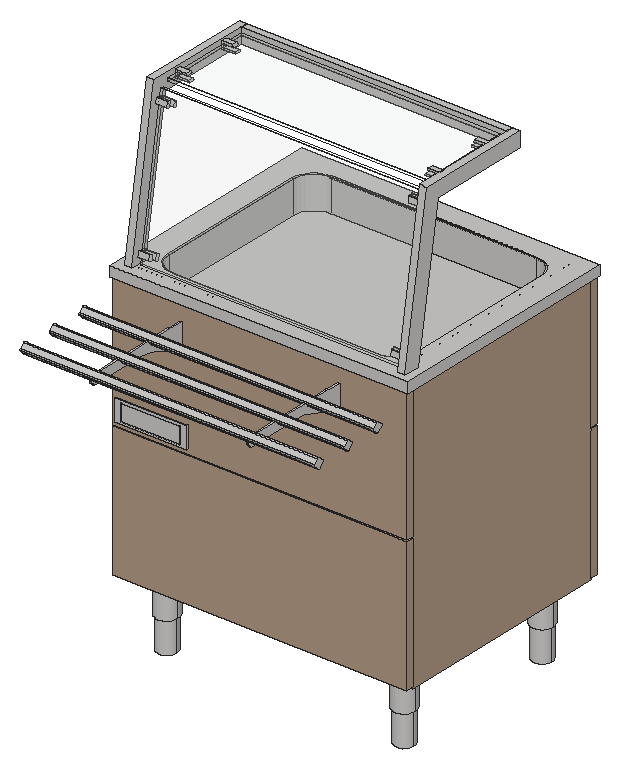
Revit family "QF_ELECTROLUXPROFESSIONAL_322096_F14C2AF01W", category Specialty Equipment, Revit 2018
Family settings
  Round Connector Dimension = Use Diameter
  Part Type = Normal
  Work Plane-Based = No
  Always vertical = Yes
  Cut with Voids When Loaded = No
  Shared = No
  Room Calculation Point = No
Parameters (values of type "Standard")
  Weight = 100.50 kg
  Watts = 0 W
  Volts = 220 V
  URL Manufacturer = "http://professional.electrolux.com"
  URL = "http://professional.electrolux.com"
  Steam Supply Size = 0 mm
  Steam Supply Minimum Pressure = 0.0 Pa
  Steam Supply Maximum Pressure = 0.0 Pa
  Steam Pounds per Hour = 0
  Show Clearance [instance] = yes
  Refrigeration Suction Line Size = 0 mm
  Refrigeration Liquid Line Size = 0 mm
  Refrigerant Compressor Remote = yes
  Manufacturer = "Electrolux Professional"
  Phase = 1
  Model = "F14C2AF01W"
  Length Actual = 770 mm  # constant formula
  Item Number = "322096"
  Hot Water Size = 0 mm
  Height Actual = 1304 mm  # constant formula
  HP = "0 HP"
  Gas Size = 0 mm
  Gas KW = 0
  Gas Input Pressure = 0 W
  Direct Waste Size = 19.05 mm
  Description = "REFRIGERATED S/S SURFACE, 2GN H=900MM OVERSHELF W/LED LIGHTS"
  Depth Actual = 915 mm  # constant formula
  Cycle = 50 Hz
  Condensate Return Size = 0 mm
  Compressed Air Volume = 0.0 L/s
  Compressed Air Size = 0 mm
  Compressed Air Pressure = 0.0 Pa
  Cold Water Size = 0 mm
  Accessory = yes
Types (2, lengths in mm): name | URL | Manufacturer | Phase | Model | Description
  (no name) | 0 | 0 | 0 | 0 | 0
  Standard | "http://professional.electrolux.com" | "Electrolux Professional" | 1 | "F14C2AF01W" | "REFRIGERATED S/S SURFACE, 2GN H=900MM OVERSHELF W/LED LIGHTS"
Values of the unnamed type that differ from the named types
  Volts = 0 V
  URL Manufacturer = ""
  Item Number = ""
  Cycle = 0 Hz
Reference planes
  plane 1 "Centro (Fronte/Retro)": y = 74.737
  plane 2: z = 0
  plane 3 "BACK": y = 384.737
  plane 4 "FRONT": y = -235.263
  plane 5: z = 900
  plane 6 "RIGHT": x = -129.269
  plane 7 "LEFT": x = -899.269
  plane 8: x = -514.269
  plane 9: y = 664.737
  plane 10: y = -530.02
  plane 11: z = 178
  plane 12: z = 1304
  plane 13: z = 1222
  plane 14: y = 297.737
  plane 15: y = -148.263
  plane 16: x = -821.269
  plane 17: x = -207.269
  plane 18: x = -895.269
  plane 19: y = -231.263
  plane 20: x = -133.269
  plane 21: y = 380.737
  plane 22: z = 874
  plane 23: y = 362.737
  plane 24: y = -213.263
  plane 25: z = 182
  plane 26: z = 527
  plane 27: z = 531
  plane 28: x = -308.269
  plane 29: x = -720.269
  plane 30: x = -877.394
  plane 31: x = -151.144
  plane 32: x = -171.144
  plane 33: x = -857.394
  plane 34: x = -849.269
  plane 35: x = -179.269
  plane 36: y = 130.237
  plane 37: y = 19.237
  plane 38: y = 33.237
  plane 39: y = 116.237
  plane 40: x = -787.269
  plane 41: x = -234.269
Forms (mm)
  Extrusion 1, solid, material "QF_Finishes_Wood"
    sketch origin (0, 0, 0) x (1, 0, 0) y (0, 1, 0)
      loop
        line (-895.269, 362.737) -> (-895.269, -213.263) -> (-133.269, -213.263) -> (-133.269, 362.737) -> (-895.269, 362.737)
    from 178 to 874
  Extrusion 2, solid, material "QF_Finishes_Wood"
    sketch origin (-133.269, 362.737, 0) x (0, -1, 0) y (0, 0, -1)
      loop
        line (576, -182) -> (576, -527) -> (594, -527) -> (594, -182) -> (576, -182)
      loop
        line (576, -531) -> (576, -874) -> (594, -874) -> (594, -531) -> (576, -531)
    from 0 to -762
  Extrusion 3, solid, material "QF_Finishes_Wood"
    sketch origin (-133.269, -213.263, 0) x (0, 1, 0) y (0, 0, 1)
      loop
        line (576, 531) -> (594, 531) -> (594, 874) -> (576, 874) -> (576, 531)
    from 0 to -762
  Extrusion 4, solid, material "QF_Finishes_Stainless Steel"
    sketch origin (0, 0, 0) x (1, 0, 0) y (0, 1, 0)
      loop
        line (-899.269, 384.737) -> (-899.269, -235.263) -> (-129.269, -235.263) -> (-129.269, 384.737) -> (-899.269, 384.737)
    from 874 to 900
  Extrusion 5, solid, material "QF_Finishes_Stainless Steel"
    sketch origin (-313.269, 362.737, 0) x (0, -1, 0) y (0, 0, -1)
      loop
        arc (628.84, -832.7) -> (632.082, -833.911) -> (635.519, -834.32) r 14.5
        line (635.519, -834.32) -> (675.715, -834.32) -> (689.858, -820.177) -> (704, -834.32) -> (770.715, -834.32) -> (784.858, -820.177) -> (799, -834.32) -> (865.716, -834.32) -> (879.858, -820.177) -> (887.686, -828.005) -> (887.686, -821.352)
        arc (887.686, -821.352) -> (887.303, -819.435) -> (886.214, -817.81) r 4.999
        line (886.214, -817.81) -> (881.179, -812.776)
        arc (881.179, -812.776) -> (879.559, -811.698) -> (877.651, -811.32) r 5
        line (877.651, -811.32) -> (732.206, -811.32)
        arc (732.206, -811.32) -> (708.662, -809.221) -> (685.86, -802.991) r 133.106
        line (685.86, -802.991) -> (638.285, -785.32) -> (597.679, -770.12) -> (594, -770.12) -> (594, -832.7) -> (628.84, -832.7)
    from 0 to 5
  Extrusion 6, void
    sketch origin (0, 0, 0) x (1, 0, 0) y (0, 1, 0)
      loop
        arc (-837.269, -125.263) -> (-820.281, -166.275) -> (-779.269, -183.263) r 58
        line (-779.269, -183.263) -> (-249.269, -183.263)
        arc (-249.269, -183.263) -> (-208.256, -166.275) -> (-191.269, -125.263) r 58
        line (-191.269, -125.263) -> (-191.269, 274.737)
        arc (-191.269, 274.737) -> (-208.256, 315.749) -> (-249.269, 332.737) r 58
        line (-249.269, 332.737) -> (-779.269, 332.737)
        arc (-779.269, 332.737) -> (-820.281, 315.749) -> (-837.269, 274.737) r 58
        line (-837.269, 274.737) -> (-837.269, -125.263)
    from 812.776 to 900
  Extrusion 7, solid, material "QF_Finishes_Wood"
    sketch origin (419.731, -213.263, -348) x (0, 1, 0) y (0, 0, 1)
      loop
        line (576, 530) -> (594, 530) -> (594, 875) -> (576, 875) -> (576, 530)
    from -553 to -658.044
  Extrusion 8, solid, material "QF_Finishes_Wood"
    sketch origin (-234.269, -213.263, -348) x (0, 1, 0) y (0, 0, 1)
      loop
        line (576, 530) -> (594, 530) -> (594, 875) -> (576, 875) -> (576, 530)
    from -548.963 to -661
  Extrusion 9, solid, material "QF_Door-Drawer Clearances", visible <- "Show Clearance"
    sketch origin (0, -4, 0) x (1, 0, 0) y (0, 1, 0)
      loop
        line (-783.232, 384.737) -> (-238.312, 384.737) -> (-710.987, 657.636)
        arc (-710.987, 657.636) -> (-765.12, 525.955) -> (-783.232, 384.737) r 544.001
    from 182 to 527
  Extrusion 10, solid, material "QF_Finishes_Stainless Steel"
    sketch origin (-720.269, 362.737, 0) x (0, -1, 0) y (0, 0, -1)
      loop
        arc (628.84, -832.7) -> (632.082, -833.911) -> (635.519, -834.32) r 14.5
        line (635.519, -834.32) -> (675.715, -834.32) -> (689.858, -820.177) -> (704, -834.32) -> (770.715, -834.32) -> (784.858, -820.177) -> (799, -834.32) -> (865.716, -834.32) -> (879.858, -820.177) -> (887.686, -828.005) -> (887.686, -821.352)
        arc (887.686, -821.352) -> (887.303, -819.435) -> (886.214, -817.81) r 4.999
        line (886.214, -817.81) -> (881.179, -812.776)
        arc (881.179, -812.776) -> (879.559, -811.698) -> (877.651, -811.32) r 5
        line (877.651, -811.32) -> (732.206, -811.32)
        arc (732.206, -811.32) -> (708.662, -809.221) -> (685.86, -802.991) r 133.106
        line (685.86, -802.991) -> (638.285, -785.32) -> (597.679, -770.12) -> (594, -770.12) -> (594, -832.7) -> (628.84, -832.7)
    from 0 to 5
  Extrusion 11, solid, material "QF_Finishes_Stainless Steel"
    sketch origin (-133.269, 362.737, 0) x (0, -1, 0) y (0, 0, -1)
      loop
        line (881.983, -846.337) -> (891.875, -836.445)
        arc (891.875, -836.445) -> (892.757, -834.322) -> (891.879, -832.198) r 3
        line (891.879, -832.198) -> (881.979, -822.299)
        arc (881.979, -822.299) -> (879.858, -821.42) -> (877.737, -822.299) r 3
        line (877.737, -822.299) -> (867.837, -832.198)
        arc (867.837, -832.198) -> (866.958, -834.32) -> (867.837, -836.441) r 3
        line (867.837, -836.441) -> (877.737, -846.34)
        arc (877.737, -846.34) -> (879.86, -847.219) -> (881.983, -846.337) r 3
      loop
        line (786.979, -846.34) -> (796.879, -836.441)
        arc (796.879, -836.441) -> (797.757, -834.32) -> (796.879, -832.198) r 3
        line (796.879, -832.198) -> (786.979, -822.299)
        arc (786.979, -822.299) -> (784.858, -821.42) -> (782.737, -822.299) r 3
        line (782.737, -822.299) -> (772.837, -832.198)
        arc (772.837, -832.198) -> (771.958, -834.317) -> (772.833, -836.437) r 3
        line (772.833, -836.437) -> (782.741, -846.345)
        arc (782.741, -846.345) -> (784.861, -847.219) -> (786.979, -846.34) r 3
      loop
        line (691.976, -846.343) -> (701.882, -836.438)
        arc (701.882, -836.438) -> (702.757, -834.318) -> (701.879, -832.198) r 3
        line (701.879, -832.198) -> (691.979, -822.299)
        arc (691.979, -822.299) -> (689.858, -821.42) -> (687.737, -822.299) r 3
        line (687.737, -822.299) -> (677.837, -832.198)
        arc (677.837, -832.198) -> (676.958, -834.32) -> (677.837, -836.441) r 3
        line (677.837, -836.441) -> (687.737, -846.34)
        arc (687.737, -846.34) -> (689.856, -847.219) -> (691.976, -846.343) r 3
    from 0 to -762
  Extrusion 12, solid, material "QF_Finishes_Stainless Steel"
    sketch origin (-133.269, 362.737, 0) x (0, -1, 0) y (0, 0, -1)
      loop
        line (206.477, -1264.379) -> (206.477, -1304) -> (507.108, -1304) -> (578.344, -900) -> (537.727, -900) -> (473.477, -1264.379) -> (206.477, -1264.379)
    from -17.875 to -37.875
  Extrusion 13, solid, material "QF_Finishes_Stainless Steel"
    sketch origin (-895.269, 362.737, 0) x (0, -1, 0) y (0, 0, 1)
      loop
        line (206.477, 1264.379) -> (473.477, 1264.379) -> (537.727, 900) -> (578.344, 900) -> (507.108, 1304) -> (206.477, 1304) -> (206.477, 1264.379)
    from -17.875 to -37.875
  Extrusion 14, solid, material "QF_Finishes_Glass"
    sketch origin (-133.269, -231.263, 531) x (0, 0, 1) y (-1, 0, 0)
      loop
        line (757.879, 46) -> (765.879, 46) -> (765.879, 716) -> (757.879, 716) -> (757.879, 46)
    from -361.5 to -120.204
  Extrusion 15, solid, material "QF_Finishes_Stainless Steel"
    sketch origin (0, 0, 0) x (1, 0, 0) y (0, 1, 0)
      loop
        line (-857.394, 156.26) -> (-857.394, 136.26) -> (-171.144, 136.26) -> (-171.144, 156.26) -> (-857.394, 156.26)
    from 1264.379 to 1304
  Extrusion 16, solid, material "QF_Finishes_Glass"
    sketch origin (-133.269, 362.737, 0) x (0, -1, 0) y (0, 0, -1)
      loop
        line (494.569, -1282.974) -> (562.097, -900) -> (553.974, -900) -> (486.445, -1282.974) -> (494.569, -1282.974)
    from -46 to -716
  Extrusion 17, solid, material "QF_Finishes_Stainless Steel"
    sketch origin (-133.269, -64.263, 531) x (0, 0, 1) y (-1, 0, 0)
      loop
        line (765.879, 691.5) -> (770.879, 693.5) -> (770.879, 724.125) -> (750.879, 724.125) -> (750.879, 716) -> (751.974, 716) -> (751.974, 685.938) -> (755.879, 687.5) -> (755.879, 717) -> (765.879, 717) -> (765.879, 691.5)
    from 0 to 14
  Extrusion 18, solid, material "QF_Finishes_Stainless Steel"
    sketch origin (-133.269, 85.737, 531) x (0, 0, 1) y (-1, 0, 0)
      loop
        line (765.879, 691.5) -> (770.879, 693.5) -> (770.879, 724.125) -> (750.879, 724.125) -> (750.879, 716) -> (751.974, 716) -> (751.974, 685.938) -> (755.879, 687.5) -> (755.879, 717) -> (765.879, 717) -> (765.879, 691.5)
    from 0 to 14
  Extrusion 19, solid, material "QF_Finishes_Stainless Steel"
    sketch origin (-895.269, -64.263, 531) x (0, 0, 1) y (-1, 0, 0)
      loop
        line (765.879, -691.5) -> (765.879, -717) -> (755.879, -717) -> (755.879, -687.5) -> (751.974, -685.938) -> (751.974, -716) -> (750.879, -716) -> (750.879, -724.125) -> (770.879, -724.125) -> (770.879, -693.5) -> (765.879, -691.5)
    from 0 to 14
  Extrusion 20, solid, material "QF_Finishes_Stainless Steel"
    sketch origin (-895.269, 85.737, 531) x (0, 0, 1) y (-1, 0, 0)
      loop
        line (765.879, -691.5) -> (765.879, -717) -> (755.879, -717) -> (755.879, -687.5) -> (751.974, -685.938) -> (751.974, -716) -> (750.879, -716) -> (750.879, -724.125) -> (770.879, -724.125) -> (770.879, -693.5) -> (765.879, -691.5)
    from 0 to 14
  Extrusion 21, solid, material "QF_Finishes_Stainless Steel"
    sketch origin (-895.269, 619.458, 1129.907) x (0, -0.984808, 0.173648) y (-1, 0, 0)
      loop
        line (765.879, -691.5) -> (765.879, -717) -> (755.879, -717) -> (755.879, -687.5) -> (751.974, -685.938) -> (751.974, -716) -> (750.879, -716) -> (750.879, -724.125) -> (770.879, -724.125) -> (770.879, -693.5) -> (765.879, -691.5)
    from 0 to 14
  Extrusion 22, solid, material "QF_Finishes_Stainless Steel"
    sketch origin (-133.269, 619.458, 1129.907) x (0, -0.984808, 0.173648) y (-1, 0, 0)
      loop
        line (765.879, 691.5) -> (770.879, 693.5) -> (770.879, 724.125) -> (750.879, 724.125) -> (750.879, 716) -> (751.974, 716) -> (751.974, 685.938) -> (755.879, 687.5) -> (755.879, 717) -> (765.879, 717) -> (765.879, 691.5)
    from 0 to 14
  Extrusion 23, solid, material "QF_Finishes_Stainless Steel"
    sketch origin (-895.269, 562.154, 799.389) x (0, -0.984808, 0.173648) y (-1, 0, 0)
      loop
        line (765.879, -691.5) -> (765.879, -717) -> (755.879, -717) -> (755.879, -687.5) -> (751.974, -685.938) -> (751.974, -716) -> (750.879, -716) -> (750.879, -724.125) -> (770.879, -724.125) -> (770.879, -693.5) -> (765.879, -691.5)
    from 0 to 14
  Extrusion 24, solid, material "QF_Finishes_Stainless Steel"
    sketch origin (-133.269, 562.154, 799.389) x (0, -0.984808, 0.173648) y (-1, 0, 0)
      loop
        line (765.879, 691.5) -> (770.879, 693.5) -> (770.879, 724.125) -> (750.879, 724.125) -> (750.879, 716) -> (751.974, 716) -> (751.974, 685.938) -> (755.879, 687.5) -> (755.879, 717) -> (765.879, 717) -> (765.879, 691.5)
    from 0 to 14
  Extrusion 25, solid, material "QF_Finishes_Wood"
    sketch origin (314.688, -213.263, -348) x (0, 1, 0) y (0, 0, 1)
      loop
        line (576, 530) -> (594, 530) -> (594, 875) -> (576, 875) -> (576, 530)
    from -553 to -1097.92
  Extrusion 26, solid, material "QF_Finishes_Stainless Steel"
    sketch origin (-1028.537, 3.4, 0) x (-1, 0, 0) y (0, -1, 0)
      loop
        circle (-196.269, -121.337) r 10
    from 178 to 166
  Extrusion 27, solid, material "QF_Finishes_Stainless Steel"
    sketch origin (-1028.537, 146.074, 0) x (-1, 0, 0) y (0, -1, 0)
      loop
        circle (-196.269, 121.337) r 10
    from 178 to 166
Cuts and joins
  Extrusion 6 cuts Extrusion 1
  Extrusion 6 cuts Extrusion 4
Lines and regions (mm)
  symbolic lines
    curve 1: line (-129.269, 384.737, 0) -> (-129.269, -235.263, 0)
    curve 2: line (-899.269, -235.263, 0) -> (-899.269, 384.737, 0)
    curve 3: line (-899.269, 384.737, 0) -> (-129.269, 384.737, 0)
    curve 4: line (-899.269, -235.263, 0) -> (-129.269, -235.263, 0)
    curve 5: line (-179.269, -64.263, 0) -> (-179.269, 71.737, 0)
    curve 6: line (-849.269, 71.737, 0) -> (-849.269, -64.263, 0)
    curve 7: line (-877.394, 156.26, 0) -> (-151.144, 156.26, 0)
    curve 8: line (-151.144, 156.26, 0) -> (-151.144, -215.607, 0)
    curve 9: line (-151.144, -215.607, 0) -> (-171.144, -215.607, 0)
    curve 10: line (-171.144, -215.607, 0) -> (-171.144, 156.26, 0)
    curve 11: line (-171.144, 136.26, 0) -> (-857.394, 136.26, 0)
    curve 12: line (-857.394, 156.26, 0) -> (-857.394, -215.607, 0)
    curve 13: line (-857.394, -215.607, 0) -> (-877.394, -215.607, 0)
    curve 14: line (-877.394, -215.607, 0) -> (-877.394, 156.26, 0)
    curve 15: line (-877.394, -144.371, 0) -> (-857.394, -144.371, 0)
    curve 16: line (-171.144, -144.371, 0) -> (-151.144, -144.371, 0)
    curve 17: line (-849.269, 130.237, 0) -> (-849.269, 85.737, 0)
    curve 18: line (-849.269, 130.237, 0) -> (-179.269, 130.237, 0)
    curve 19: line (-179.269, 130.237, 0) -> (-179.269, 85.737, 0)
    curve 20: line (-179.269, -78.263, 0) -> (-179.269, -111.059, 0)
    curve 21: line (-171.144, 85.737, 0) -> (-203.769, 85.737, 0)
    curve 22: line (-203.769, 85.737, 0) -> (-203.769, 71.737, 0)
    curve 23: line (-203.769, 71.737, 0) -> (-171.144, 71.737, 0)
    curve 24: line (-171.144, -64.263, 0) -> (-203.769, -64.263, 0)
    curve 25: line (-203.769, -64.263, 0) -> (-203.769, -78.263, 0)
    curve 26: line (-203.769, -78.263, 0) -> (-171.144, -78.263, 0)
    curve 27: line (-857.394, -64.263, 0) -> (-824.769, -64.263, 0)
    curve 28: line (-824.769, -64.263, 0) -> (-824.769, -78.263, 0)
    curve 29: line (-824.769, -78.263, 0) -> (-857.394, -78.263, 0)
    curve 30: line (-857.394, 85.737, 0) -> (-824.769, 85.737, 0)
    curve 31: line (-824.769, 85.737, 0) -> (-824.769, 71.737, 0)
    curve 32: line (-824.769, 71.737, 0) -> (-857.394, 71.737, 0)
    curve 33: line (-857.394, -142.14, 0) -> (-826.769, -142.14, 0)
    curve 34: line (-826.769, -142.14, 0) -> (-826.769, -139.709, 0)
    curve 35: line (-826.769, -139.709, 0) -> (-857.394, -139.709, 0)
    curve 36: line (-826.769, -142.14, 0) -> (-824.769, -137.216, 0)
    curve 37: line (-850.269, -134.785, 0) -> (-824.769, -134.785, 0)
    curve 38: line (-850.269, -134.785, 0) -> (-850.269, -124.937, 0)
    curve 39: line (-850.269, -124.937, 0) -> (-849.269, -124.937, 0)
    curve 40: line (-850.269, -127.368, 0) -> (-849.269, -127.368, 0)
    curve 41: line (-857.394, -120.013, 0) -> (-849.269, -120.013, 0)
    curve 42: line (-849.269, -120.013, 0) -> (-849.269, -121.091, 0)
    curve 43: line (-849.269, -121.091, 0) -> (-819.207, -121.091, 0)
    curve 44: line (-819.207, -121.091, 0) -> (-819.207, -123.708, 0)
    curve 45: line (-819.207, -121.091, 0) -> (-820.269, -123.708, 0)
    curve 46: line (-826.769, -139.709, 0) -> (-824.769, -134.785, 0)
    curve 47: line (-824.769, -134.785, 0) -> (-824.769, -137.216, 0)
    curve 48: line (-849.269, -123.708, 0) -> (-849.269, -134.785, 0)
    curve 49: line (-179.269, -131.831, 0) -> (-179.269, -123.708, 0)
    curve 50: line (-179.269, -123.708, 0) -> (-849.269, -123.708, 0)
    curve 51: line (-171.144, -142.14, 0) -> (-201.769, -142.14, 0)
    curve 52: line (-201.769, -142.14, 0) -> (-201.769, -139.709, 0)
    curve 53: line (-201.769, -139.709, 0) -> (-171.144, -139.709, 0)
    curve 54: line (-201.769, -142.14, 0) -> (-203.769, -137.216, 0)
    curve 55: line (-178.269, -134.785, 0) -> (-203.769, -134.785, 0)
    curve 56: line (-178.269, -134.785, 0) -> (-178.269, -124.937, 0)
    curve 57: line (-178.269, -124.937, 0) -> (-179.269, -124.937, 0)
    curve 58: line (-178.269, -127.368, 0) -> (-179.269, -127.368, 0)
    curve 59: line (-171.144, -120.013, 0) -> (-179.269, -120.013, 0)
    curve 60: line (-179.269, -120.013, 0) -> (-179.269, -121.091, 0)
    curve 61: line (-179.269, -121.091, 0) -> (-209.331, -121.091, 0)
    curve 62: line (-209.331, -121.091, 0) -> (-209.331, -123.708, 0)
    curve 63: line (-209.331, -121.091, 0) -> (-208.268, -123.708, 0)
    curve 64: line (-201.769, -139.709, 0) -> (-203.769, -134.785, 0)
    curve 65: line (-203.769, -134.785, 0) -> (-203.769, -137.216, 0)
    curve 66: line (-179.269, -123.708, 0) -> (-179.269, -134.785, 0)
    curve 67: line (-849.269, -142.14, 0) -> (-849.269, -192.089, 0)
    curve 68: line (-849.269, -177.317, 0) -> (-857.394, -177.317, 0)
    curve 69: line (-849.269, -182.241, 0) -> (-850.269, -182.241, 0)
    curve 70: line (-850.269, -184.672, 0) -> (-849.269, -184.672, 0)
    curve 71: line (-850.269, -182.241, 0) -> (-850.269, -192.089, 0)
    curve 72: line (-850.269, -192.089, 0) -> (-824.779, -192.089, 0)
    curve 73: line (-826.769, -197.013, 0) -> (-824.779, -192.089, 0)
    curve 74: line (-824.779, -192.089, 0) -> (-824.779, -194.52, 0)
    curve 75: line (-826.769, -199.444, 0) -> (-824.779, -194.52, 0)
    curve 76: line (-826.769, -197.013, 0) -> (-826.769, -199.444, 0)
    curve 77: line (-857.394, -199.444, 0) -> (-826.769, -199.444, 0)
    curve 78: line (-826.769, -197.013, 0) -> (-857.394, -197.013, 0)
    curve 79: line (-179.269, -177.317, 0) -> (-171.144, -177.317, 0)
    curve 80: line (-179.269, -182.241, 0) -> (-178.269, -182.241, 0)
    curve 81: line (-178.269, -184.672, 0) -> (-179.269, -184.672, 0)
    curve 82: line (-178.269, -182.241, 0) -> (-178.269, -192.089, 0)
    curve 83: line (-178.269, -192.089, 0) -> (-203.758, -192.089, 0)
    curve 84: line (-201.769, -197.013, 0) -> (-203.758, -192.089, 0)
    curve 85: line (-203.758, -192.089, 0) -> (-203.758, -194.52, 0)
    curve 86: line (-201.769, -199.444, 0) -> (-203.758, -194.52, 0)
    curve 87: line (-201.769, -197.013, 0) -> (-201.769, -199.444, 0)
    curve 88: line (-171.144, -199.444, 0) -> (-201.769, -199.444, 0)
    curve 89: line (-201.769, -197.013, 0) -> (-171.144, -197.013, 0)
    curve 90: line (-826.735, -199.36, 0) -> (-201.803, -199.36, 0)
    curve 91: line (-849.269, -78.263, 0) -> (-849.269, -111.059, 0)
    curve 92: line (-849.269, -111.059, 0) -> (-179.269, -111.059, 0)
    curve 93: line (-849.269, -131.831, 0) -> (-179.269, -131.831, 0)
    curve 94: line (-179.269, -142.14, 0) -> (-179.269, -192.089, 0)
    curve 95: line (-899.269, -235.263, 0) -> (-899.269, -530.02, 0)
    curve 96: line (-899.269, -530.02, 0) -> (-129.269, -530.02, 0)
    curve 97: line (-129.269, -530.02, 0) -> (-129.269, -235.263, 0)
  symbolic lines, style "QF_Door-Drawer Clearances"
    curve 98: line (-245.24, 384.737, 0) -> (-710.987, 653.636, 0)
    curve 99: arc (-710.987, 653.636, 0) -> (-764.605, 523.887, 0) -> (-783.232, 384.737, 0) r 544.001
    curve 100: line (-285.24, 384.737, 0) -> (-720.987, 636.316, 0)
  symbolic lines, style "SpecialityEquipmentHiddenLines"
    curve 101: line (-249.269, 329.737, 0) -> (-779.269, 329.737, 0)
    curve 102: arc (-779.269, 329.737, 0) -> (-818.16, 313.628, 0) -> (-834.269, 274.737, 0) r 55
    curve 103: line (-834.269, 274.737, 0) -> (-834.269, -125.263, 0)
    curve 104: arc (-834.269, -125.263, 0) -> (-818.16, -164.154, 0) -> (-779.269, -180.263, 0) r 55
    curve 105: line (-779.269, -180.263, 0) -> (-249.269, -180.263, 0)
    curve 106: arc (-249.269, -180.263, 0) -> (-210.378, -164.154, 0) -> (-194.269, -125.263, 0) r 55
    curve 107: line (-194.269, -125.263, 0) -> (-194.269, 274.737, 0)
    curve 108: arc (-194.269, 274.737, 0) -> (-210.378, 313.628, 0) -> (-249.269, 329.737, 0) r 55
Dimensions and locks
  plane 7 "LEFT" to plane 6 "RIGHT" = 770 mm
  equal spacing: plane 3 "BACK", plane 1 "Centro (Fronte/Retro)", plane 4 "FRONT"
  plane 3 "BACK" to plane 4 "FRONT" = 620 mm
  equal spacing: plane 7 "LEFT", plane 8, plane 6 "RIGHT"
  locked: plane 9 to plane 3 "BACK" at 280
  locked: plane 4 "FRONT" to plane 10 at 294.757
  locked: plane 11 to plane 2 at 178
  locked: plane 5 to plane 2 at 900
  locked: plane 12 to plane 2 at 1304
  locked: plane 13 to plane 2 at 1222
  locked: plane 3 "BACK" to plane 14 at 87
  locked: plane 7 "LEFT" to plane 16 at 78
  locked: plane 17 to plane 6 "RIGHT" at 78
  locked: plane 15 to plane 4 "FRONT" at 87
  locked: plane 3 "BACK" to plane 21 at 4
  locked: plane 7 "LEFT" to plane 18 at 4
  locked: plane 20 to plane 6 "RIGHT" at 4
  locked: plane 19 to plane 4 "FRONT" at 4
  locked: plane 5 to plane 22 at 26
  locked: plane 24 to plane 19 at 18
  locked: plane 21 to plane 23 at 18
  locked: plane 20 to plane 28 at 175
  locked: plane 29 to plane 18 at 175
  equal spacing: plane 30, plane 8, plane 31
  plane 30 to plane 31 = 726.25 mm
  locked: plane 30 to plane 33 at 20
  locked: plane 32 to plane 31 at 20
  equal spacing: plane 34, plane 8, plane 35
  plane 34 to plane 35 = 670 mm
  equal spacing: plane 36, plane 1 "Centro (Fronte/Retro)", plane 37
  plane 36 to plane 37 = 111 mm
  locked: plane 36 to plane 39 at 14
  locked: plane 38 to plane 37 at 14
  locked: plane 41 to plane 6 "RIGHT" at 105
  locked: plane 7 "LEFT" to plane 40 at 112
  plane 16 to plane 7 "LEFT" = 78 mm
  plane 6 "RIGHT" to plane 17 = 78 mm
  angle Extrusion 9 sketch curve to Extrusion 25 = 30.00°
  aligned and locked: level to plane 2
  aligned and locked: Extrusion 1 sketch curve to plane 23
  aligned and locked: plane 18 to Extrusion 1 sketch curve
  aligned and locked: plane 24 to Extrusion 1 sketch curve
  aligned and locked: Extrusion 1 sketch curve to plane 20
  aligned and locked: plane 22 to Extrusion 1
  aligned and locked: Extrusion 1 to plane 11
  aligned and locked: plane 25 to Extrusion 2 sketch curve
  aligned and locked: Extrusion 2 sketch curve to plane 24  (x2)
  aligned and locked: Extrusion 2 sketch curve to plane 26
  aligned and locked: plane 19 to Extrusion 2 sketch curve  (x2)
  aligned and locked: plane 27 to Extrusion 2 sketch curve
  aligned and locked: Extrusion 2 sketch curve to plane 22
  aligned and locked: Extrusion 2 to plane 18
  aligned and locked: Extrusion 3 to plane 18
  aligned and locked: Extrusion 4 sketch curve to plane 3 "BACK"
  aligned and locked: plane 7 "LEFT" to Extrusion 4 sketch curve
  aligned and locked: plane 4 "FRONT" to Extrusion 4 sketch curve
  aligned and locked: Extrusion 4 sketch curve to plane 6 "RIGHT"
  aligned and locked: Extrusion 4 to plane 22
  aligned and locked: plane 20 to Extrusion 7
  aligned and locked: Extrusion 8 to plane 18
  aligned and locked: plane 26 to Extrusion 9
  aligned and locked: Extrusion 7 to plane 25
  aligned and locked: Extrusion 8 to plane 25
  aligned and locked: plane 16 to nested 1
  aligned and locked: plane 17 to nested 2
  aligned and locked: nested 2 to plane 15
  aligned and locked: nested 1 to plane 15
  aligned and locked: nested 3 to plane 14
  aligned and locked: plane 16 to nested 4
  aligned and locked: plane 20 to Extrusion 11
  aligned and locked: Extrusion 11 to plane 18
  aligned and locked: nested 4 to plane 14
  aligned and locked: Extrusion 12 to plane 31
  aligned and locked: Extrusion 12 to plane 32
  aligned and locked: plane 33 to Extrusion 13
  aligned and locked: Extrusion 13 to plane 30
  aligned and locked: Extrusion 15 sketch curve to plane 32
  aligned and locked: plane 33 to Extrusion 15 sketch curve
  aligned and locked: Extrusion 15 to Extrusion 12
  aligned and locked: Extrusion 16 to plane 34
  aligned and locked: plane 35 to Extrusion 16
  aligned and locked: plane 33 to Extrusion 17 sketch curve
  aligned and locked: Extrusion 14 sketch curve to plane 35
  aligned and locked: plane 34 to Extrusion 14 sketch curve
Automatic sketch dimensions
  Extrusion 1 to Extrusion 3 sketch curve = 0 mm
  Extrusion 3 sketch curve to Extrusion 1 = 0 mm
  Extrusion 3 sketch curve to Extrusion 3 sketch curve = 18 mm
  Extrusion 3 sketch curve to Extrusion 3 sketch curve = 343 mm
  Extrusion 5 sketch curve to plane 19 = 0 mm
  plane 4 "FRONT" to Extrusion 5 sketch curve = 0.321 mm
  Extrusion 5 sketch curve to plane 4 "FRONT" = 30.84 mm
  Extrusion 5 sketch curve to Extrusion 5 sketch curve = 6.66 mm
  Extrusion 5 sketch curve to Extrusion 5 sketch curve = 6.678 mm
  Extrusion 5 sketch curve to Extrusion 5 sketch curve = 2.785 mm
  Extrusion 5 sketch curve to Extrusion 5 sketch curve = 40.197 mm
  Extrusion 5 sketch curve to Extrusion 5 sketch curve = 10.145 mm
  Extrusion 5 sketch curve to Extrusion 5 sketch curve = 3.998 mm
  Extrusion 5 sketch curve to plane 22 = 39.68 mm  (x3)
  Extrusion 5 sketch curve to Extrusion 5 sketch curve = 14.142 mm  (x3)
  Extrusion 5 sketch curve to Extrusion 5 sketch curve = 28.206 mm
  Extrusion 5 sketch curve to Extrusion 5 sketch curve = 38.51 mm
  Extrusion 5 sketch curve to Extrusion 5 sketch curve = 14.143 mm
  plane 10 to Extrusion 5 sketch curve = 27.042 mm
  plane 10 to Extrusion 5 sketch curve = 15.107 mm
  Extrusion 5 sketch curve to Extrusion 5 sketch curve = 2.207 mm
  Extrusion 5 sketch curve to Extrusion 5 sketch curve = 3.528 mm  (x2)
  Extrusion 5 sketch curve to Extrusion 5 sketch curve = 2.829 mm
  plane 10 to Extrusion 5 sketch curve = 5.072 mm
  Extrusion 5 sketch curve to Extrusion 5 sketch curve = 1.62 mm
  Extrusion 5 sketch curve to Extrusion 5 sketch curve = 6.314 mm
  Extrusion 5 sketch curve to Extrusion 5 sketch curve = 6.653 mm
  Extrusion 5 sketch curve to Extrusion 5 sketch curve = 1.175 mm
  Extrusion 5 sketch curve to Extrusion 5 sketch curve = 3.858 mm
  Extrusion 5 sketch curve to Extrusion 5 sketch curve = 3.543 mm
  Extrusion 5 sketch curve to Extrusion 5 sketch curve = 23 mm
  Extrusion 5 sketch curve to Extrusion 5 sketch curve = 17.187 mm
  Extrusion 5 sketch curve to Extrusion 5 sketch curve = 34.499 mm
  Extrusion 5 sketch curve to Extrusion 5 sketch curve = 15.2 mm
  Extrusion 5 sketch curve to Extrusion 5 sketch curve = 0 mm
  plane 34 to Extrusion 6 sketch curve = 12 mm
  Extrusion 6 sketch curve to plane 40 = 8 mm  (x2)
  plane 41 to Extrusion 6 sketch curve = 15 mm  (x2)
  Extrusion 6 sketch curve to plane 35 = 12 mm
  plane 24 to Extrusion 6 sketch curve = 30 mm
  Extrusion 6 sketch curve to plane 14 = 23 mm
  Extrusion 7 sketch curve to plane 23 = 0 mm
  Extrusion 7 sketch curve to plane 21 = 0 mm
  Extrusion 7 sketch curve to plane 25 = 0 mm
  Extrusion 7 sketch curve to plane 26 = 0 mm
  Extrusion 8 sketch curve to plane 23 = 0 mm
  Extrusion 8 sketch curve to plane 21 = 0 mm
  Extrusion 8 sketch curve to plane 25 = 0 mm
  Extrusion 8 sketch curve to plane 26 = 0 mm
  Extrusion 9 sketch curve to plane 21 = 0 mm
  Extrusion 9 sketch curve to plane 40 = 4.037 mm
  Extrusion 9 sketch curve to plane 3 "BACK" = 2 mm
  plane 41 to Extrusion 9 sketch curve = 4.966 mm
  Extrusion 9 sketch curve to Extrusion 9 sketch curve = 0.923 mm
  Extrusion 10 sketch curve to plane 19 = 0 mm
  plane 4 "FRONT" to Extrusion 10 sketch curve = 0.321 mm
  Extrusion 10 sketch curve to plane 4 "FRONT" = 30.84 mm
  Extrusion 10 sketch curve to Extrusion 10 sketch curve = 6.66 mm
  Extrusion 10 sketch curve to Extrusion 10 sketch curve = 6.678 mm
  Extrusion 10 sketch curve to Extrusion 10 sketch curve = 2.785 mm
  Extrusion 10 sketch curve to Extrusion 10 sketch curve = 40.197 mm
  Extrusion 10 sketch curve to Extrusion 10 sketch curve = 10.145 mm
  Extrusion 10 sketch curve to Extrusion 10 sketch curve = 3.998 mm
  Extrusion 10 sketch curve to plane 22 = 39.68 mm  (x3)
  Extrusion 10 sketch curve to Extrusion 10 sketch curve = 14.142 mm  (x3)
  Extrusion 10 sketch curve to Extrusion 10 sketch curve = 28.206 mm
  Extrusion 10 sketch curve to Extrusion 10 sketch curve = 38.51 mm
  Extrusion 10 sketch curve to Extrusion 10 sketch curve = 14.143 mm
  plane 10 to Extrusion 10 sketch curve = 27.042 mm
  plane 10 to Extrusion 10 sketch curve = 15.107 mm
  Extrusion 10 sketch curve to Extrusion 10 sketch curve = 2.207 mm
  Extrusion 10 sketch curve to Extrusion 10 sketch curve = 3.528 mm  (x2)
  Extrusion 10 sketch curve to Extrusion 10 sketch curve = 2.829 mm
  plane 10 to Extrusion 10 sketch curve = 5.072 mm
  Extrusion 10 sketch curve to Extrusion 10 sketch curve = 1.62 mm
  Extrusion 10 sketch curve to Extrusion 10 sketch curve = 6.314 mm
  Extrusion 10 sketch curve to Extrusion 10 sketch curve = 6.653 mm
  Extrusion 10 sketch curve to Extrusion 10 sketch curve = 1.175 mm
  Extrusion 10 sketch curve to Extrusion 10 sketch curve = 3.858 mm
  Extrusion 10 sketch curve to Extrusion 10 sketch curve = 3.543 mm
  Extrusion 10 sketch curve to Extrusion 10 sketch curve = 23 mm
  Extrusion 10 sketch curve to Extrusion 10 sketch curve = 17.187 mm
  Extrusion 10 sketch curve to Extrusion 10 sketch curve = 34.499 mm
  Extrusion 10 sketch curve to Extrusion 10 sketch curve = 15.2 mm
  Extrusion 10 sketch curve to Extrusion 10 sketch curve = 0 mm
  Extrusion 1 to Extrusion 11 sketch curve = 39.68 mm
  Extrusion 11 sketch curve to Extrusion 1 = 103.958 mm
  Extrusion 11 sketch curve to Extrusion 11 sketch curve = 9.899 mm  (x7)
  Extrusion 1 to Extrusion 11 sketch curve = 27.657 mm
  Extrusion 11 sketch curve to Extrusion 11 sketch curve = 2.118 mm  (x3)
  Extrusion 1 to Extrusion 11 sketch curve = 37.562 mm
  Extrusion 11 sketch curve to Extrusion 11 sketch curve = 2.124 mm  (x2)
  Extrusion 1 to Extrusion 11 sketch curve = 37.563 mm
  Extrusion 11 sketch curve to Extrusion 11 sketch curve = 70.951 mm
  Extrusion 1 to Extrusion 11 sketch curve = 41.802 mm  (x6)
  Extrusion 11 sketch curve to Extrusion 11 sketch curve = 0.004 mm
  Extrusion 11 sketch curve to Extrusion 11 sketch curve = 2.126 mm
  Extrusion 1 to Extrusion 11 sketch curve = 27.655 mm
  Extrusion 11 sketch curve to Extrusion 11 sketch curve = 9.908 mm
  Extrusion 11 sketch curve to Extrusion 11 sketch curve = 2.117 mm
  Extrusion 11 sketch curve to Extrusion 11 sketch curve = 9.9 mm  (x3)
  Extrusion 1 to Extrusion 11 sketch curve = 27.66 mm  (x3)
  Extrusion 11 sketch curve to Extrusion 11 sketch curve = 2.121 mm  (x16)
  Extrusion 1 to Extrusion 11 sketch curve = 37.559 mm  (x3)
  Extrusion 11 sketch curve to Extrusion 11 sketch curve = 70.958 mm
  Extrusion 11 sketch curve to Extrusion 11 sketch curve = 0 mm  (x12)
  Extrusion 1 to Extrusion 11 sketch curve = 51.701 mm  (x6)
  Extrusion 1 to Extrusion 11 sketch curve = 27.663 mm
  Extrusion 11 sketch curve to Extrusion 11 sketch curve = 2.125 mm
  Extrusion 1 to Extrusion 11 sketch curve = 37.555 mm
  Extrusion 1 to Extrusion 12 sketch curve = 206.477 mm
  Extrusion 1 to Extrusion 12 sketch curve = 102.523 mm
  Extrusion 12 sketch curve to Extrusion 12 sketch curve = 33.631 mm
  Extrusion 1 to Extrusion 12 sketch curve = 38.273 mm
  Extrusion 12 sketch curve to Extrusion 1 = 2.344 mm
  Extrusion 12 sketch curve to Extrusion 1 = 430 mm
  Extrusion 12 sketch curve to Extrusion 12 sketch curve = 39.621 mm
  Extrusion 12 sketch curve to Extrusion 1 = 26 mm
  Extrusion 13 sketch curve to plane 12 = 0 mm
  plane 36 to Extrusion 13 sketch curve = 26.023 mm
  plane 15 to Extrusion 13 sketch curve = 37.523 mm
  plane 15 to Extrusion 13 sketch curve = 3.892 mm
  Extrusion 13 sketch curve to plane 5 = 0 mm
  Extrusion 13 sketch curve to plane 15 = 26.727 mm
  Extrusion 13 sketch curve to plane 24 = 2.344 mm
  Extrusion 13 sketch curve to plane 12 = 39.621 mm
  Extrusion 14 sketch curve to plane 12 = 15.121 mm
  Extrusion 14 sketch curve to plane 12 = 7.121 mm
  plane 36 to Extrusion 15 sketch curve = 6.023 mm
  Extrusion 15 sketch curve to Extrusion 15 sketch curve = 20 mm
  Extrusion 16 sketch curve to plane 5 = 0 mm
  plane 15 to Extrusion 16 sketch curve = 24.555 mm
  Extrusion 16 sketch curve to Extrusion 16 sketch curve = 8.123 mm  (x2)
  plane 24 to Extrusion 16 sketch curve = 22.026 mm
  Extrusion 16 sketch curve to plane 12 = 21.026 mm
  Extrusion 17 sketch curve to plane 34 = 0 mm
  Extrusion 17 sketch curve to plane 12 = 22.121 mm
  Extrusion 17 sketch curve to Extrusion 17 sketch curve = 1.095 mm
  plane 16 to Extrusion 17 sketch curve = 0.5 mm
  Extrusion 17 sketch curve to Extrusion 17 sketch curve = 3.905 mm
  Extrusion 17 sketch curve to plane 34 = 1 mm
  Extrusion 17 sketch curve to plane 12 = 7.121 mm
  Extrusion 17 sketch curve to plane 12 = 2.121 mm
  plane 16 to Extrusion 17 sketch curve = 2.062 mm
  Extrusion 17 sketch curve to plane 16 = 3.5 mm
  Extrusion 17 sketch curve to Extrusion 17 sketch curve = 2 mm
  Extrusion 18 sketch curve to plane 34 = 0 mm
  Extrusion 18 sketch curve to plane 33 = 0 mm
  Extrusion 18 sketch curve to plane 12 = 22.121 mm
  Extrusion 18 sketch curve to Extrusion 18 sketch curve = 1.095 mm
  plane 16 to Extrusion 18 sketch curve = 0.5 mm
  Extrusion 18 sketch curve to Extrusion 18 sketch curve = 3.905 mm
  Extrusion 18 sketch curve to plane 34 = 1 mm
  Extrusion 18 sketch curve to plane 12 = 7.121 mm
  Extrusion 18 sketch curve to plane 12 = 2.121 mm
  plane 16 to Extrusion 18 sketch curve = 2.062 mm
  Extrusion 18 sketch curve to plane 16 = 3.5 mm
  Extrusion 18 sketch curve to Extrusion 18 sketch curve = 2 mm
  Extrusion 19 sketch curve to plane 35 = 0 mm
  Extrusion 19 sketch curve to plane 32 = 0 mm
  Extrusion 19 sketch curve to plane 12 = 22.121 mm
  Extrusion 19 sketch curve to Extrusion 19 sketch curve = 1.095 mm
  Extrusion 19 sketch curve to plane 17 = 0.5 mm
  Extrusion 19 sketch curve to Extrusion 19 sketch curve = 3.905 mm
  plane 35 to Extrusion 19 sketch curve = 1 mm
  Extrusion 19 sketch curve to plane 12 = 7.121 mm
  Extrusion 19 sketch curve to plane 12 = 2.121 mm
  plane 17 to Extrusion 19 sketch curve = 5.5 mm
  plane 17 to Extrusion 19 sketch curve = 3.5 mm
  Extrusion 19 sketch curve to plane 17 = 2.062 mm
  Extrusion 20 sketch curve to plane 35 = 0 mm
  Extrusion 20 sketch curve to plane 32 = 0 mm
  Extrusion 20 sketch curve to plane 12 = 22.121 mm
  Extrusion 20 sketch curve to Extrusion 20 sketch curve = 1.095 mm
  Extrusion 20 sketch curve to plane 17 = 0.5 mm
  Extrusion 20 sketch curve to Extrusion 20 sketch curve = 3.905 mm
  plane 35 to Extrusion 20 sketch curve = 1 mm
  Extrusion 20 sketch curve to plane 12 = 7.121 mm
  Extrusion 20 sketch curve to plane 12 = 2.121 mm
  plane 17 to Extrusion 20 sketch curve = 5.5 mm
  plane 17 to Extrusion 20 sketch curve = 3.5 mm
  Extrusion 20 sketch curve to plane 17 = 2.062 mm
  plane 35 to Extrusion 21 sketch curve = 0 mm
  Extrusion 21 sketch curve to Extrusion 21 sketch curve = 1.095 mm
  Extrusion 21 sketch curve to plane 17 = 0.5 mm
  Extrusion 21 sketch curve to Extrusion 21 sketch curve = 3.905 mm
  plane 35 to Extrusion 21 sketch curve = 1 mm
  Extrusion 21 sketch curve to Extrusion 21 sketch curve = 10 mm
  Extrusion 21 sketch curve to Extrusion 21 sketch curve = 5 mm
  plane 32 to Extrusion 21 sketch curve = 0 mm
  plane 17 to Extrusion 21 sketch curve = 5.5 mm
  plane 17 to Extrusion 21 sketch curve = 3.5 mm
  Extrusion 21 sketch curve to plane 17 = 2.062 mm
  Extrusion 22 sketch curve to plane 34 = 0 mm
  Extrusion 22 sketch curve to Extrusion 22 sketch curve = 1.095 mm
  plane 16 to Extrusion 22 sketch curve = 0.5 mm
  Extrusion 22 sketch curve to Extrusion 22 sketch curve = 3.905 mm
  Extrusion 22 sketch curve to plane 34 = 1 mm
  Extrusion 22 sketch curve to Extrusion 22 sketch curve = 10 mm
  Extrusion 22 sketch curve to Extrusion 22 sketch curve = 5 mm
  plane 16 to Extrusion 22 sketch curve = 2.062 mm
  Extrusion 22 sketch curve to plane 16 = 3.5 mm
  Extrusion 22 sketch curve to Extrusion 22 sketch curve = 2 mm
  Extrusion 22 sketch curve to plane 33 = 0 mm
  plane 35 to Extrusion 23 sketch curve = 0 mm
  Extrusion 23 sketch curve to Extrusion 23 sketch curve = 1.095 mm
  Extrusion 23 sketch curve to plane 17 = 0.5 mm
  Extrusion 23 sketch curve to Extrusion 23 sketch curve = 3.905 mm
  plane 35 to Extrusion 23 sketch curve = 1 mm
  Extrusion 23 sketch curve to Extrusion 23 sketch curve = 10 mm
  Extrusion 23 sketch curve to Extrusion 23 sketch curve = 5 mm
  plane 32 to Extrusion 23 sketch curve = 0 mm
  plane 17 to Extrusion 23 sketch curve = 5.5 mm
  plane 17 to Extrusion 23 sketch curve = 3.5 mm
  Extrusion 23 sketch curve to plane 17 = 2.062 mm
  Extrusion 24 sketch curve to plane 34 = 0 mm
  Extrusion 24 sketch curve to Extrusion 24 sketch curve = 1.095 mm
  plane 16 to Extrusion 24 sketch curve = 0.5 mm
  Extrusion 24 sketch curve to Extrusion 24 sketch curve = 3.905 mm
  Extrusion 24 sketch curve to plane 34 = 1 mm
  Extrusion 24 sketch curve to Extrusion 24 sketch curve = 10 mm
  Extrusion 24 sketch curve to Extrusion 24 sketch curve = 5 mm
  plane 16 to Extrusion 24 sketch curve = 2.062 mm
  Extrusion 24 sketch curve to plane 16 = 3.5 mm
  Extrusion 24 sketch curve to Extrusion 24 sketch curve = 2 mm
  Extrusion 24 sketch curve to plane 33 = 0 mm
  Extrusion 25 sketch curve to plane 23 = 0 mm
  Extrusion 25 sketch curve to plane 21 = 0 mm
  Extrusion 25 sketch curve to plane 25 = 0 mm
  Extrusion 25 sketch curve to plane 26 = 0 mm
  plane 16 to Extrusion 26 sketch curve = 11 mm
  plane 36 to Extrusion 26 sketch curve = 5.5 mm
  Extrusion 27 sketch curve to plane 16 = 11 mm
  plane 37 to Extrusion 27 sketch curve = 5.5 mm
  curve 95 to plane 7 "LEFT" = 0 mm
  curve 13 to plane 30 = 0 mm
  curve 27 to plane 33 = 0 mm
  curve 50 to plane 34 = 0 mm
  curve 68 to plane 34 = 0 mm
  curve 91 to plane 34 = 0 mm
  curve 18 to plane 34 = 0 mm
  curve 6 to plane 34 = 0 mm
  curve 20 to plane 35 = 0 mm
  curve 19 to plane 35 = 0 mm
  curve 94 to plane 35 = 0 mm
  curve 93 to plane 35 = 0 mm
  curve 5 to plane 35 = 0 mm
  curve 23 to plane 32 = 0 mm
  curve 16 to plane 31 = 0 mm
  curve 3 to plane 3 "BACK" = 0 mm
  curve 96 to plane 6 "RIGHT" = 0 mm
  curve 96 to plane 10 = 0 mm
  curve 4 to plane 4 "FRONT" = 0 mm
  plane 36 to curve 18 = 0 mm
  curve 37 to curve 48 = 1 mm
  curve 71 to plane 34 = 1 mm
  curve 42 to plane 34 = 0 mm
  curve 46 to plane 16 = 5.5 mm
  curve 73 to plane 16 = 5.5 mm
  curve 73 to curve 74 = 1.989 mm
  curve 37 to plane 16 = 3.5 mm
  curve 32 to plane 16 = 3.5 mm
  curve 27 to plane 16 = 3.5 mm
  plane 16 to curve 44 = 2.062 mm
  curve 61 to plane 17 = 2.062 mm
  plane 17 to curve 22 = 3.5 mm
  plane 17 to curve 24 = 3.5 mm
  plane 17 to curve 55 = 3.5 mm
  plane 17 to curve 85 = 3.511 mm
  curve 54 to curve 54 = 2 mm
  curve 85 to curve 84 = 1.989 mm
  plane 35 to curve 60 = 0 mm
  plane 35 to curve 57 = 1 mm
  plane 35 to curve 82 = 1 mm
  curve 14 to plane 24 = 2.344 mm
  curve 10 to plane 24 = 2.344 mm
  plane 24 to curve 86 = 13.819 mm
  plane 24 to curve 77 = 13.819 mm
  curve 75 to curve 78 = 2.431 mm
  curve 86 to curve 89 = 2.431 mm
  curve 84 to curve 85 = 2.493 mm
  curve 73 to curve 75 = 2.493 mm
  curve 85 to curve 83 = 2.431 mm
  curve 78 to curve 71 = 4.924 mm
  curve 82 to curve 80 = 9.848 mm
  curve 71 to curve 69 = 9.848 mm
  plane 15 to curve 36 = 6.122 mm
  plane 15 to curve 54 = 6.122 mm
  curve 51 to curve 64 = 2.431 mm
  curve 33 to curve 46 = 2.431 mm
  curve 52 to curve 54 = 2.493 mm
  curve 34 to curve 47 = 2.493 mm
  curve 54 to curve 65 = 2.431 mm
  curve 36 to curve 47 = 2.431 mm
  curve 66 to curve 93 = 2.954 mm
  curve 93 to curve 39 = 6.894 mm
  curve 49 to curve 57 = 6.894 mm
  curve 57 to curve 50 = 1.229 mm
  curve 62 to curve 63 = 2.617 mm
  curve 48 to curve 42 = 2.617 mm
  curve 60 to curve 59 = 1.078 mm
  curve 42 to curve 42 = 1.078 mm
  curve 59 to curve 92 = 8.954 mm
  curve 20 to curve 25 = 32.796 mm
  curve 91 to curve 29 = 32.796 mm
  curve 28 to curve 27 = 14 mm
  curve 25 to curve 25 = 14 mm
  plane 1 "Centro (Fronte/Retro)" to curve 31 = 3 mm
  plane 1 "Centro (Fronte/Retro)" to curve 23 = 3 mm
  curve 21 to plane 1 "Centro (Fronte/Retro)" = 11 mm
  curve 31 to plane 1 "Centro (Fronte/Retro)" = 11 mm
  plane 36 to curve 7 = 26.023 mm
  curve 75 to curve 90 = 0.034 mm
  plane 16 to curve 45 = 0.999 mm
  curve 63 to plane 17 = 0.999 mm
  curve 70 to curve 69 = 2.431 mm
  curve 81 to curve 80 = 2.431 mm
  curve 80 to curve 79 = 4.924 mm
  curve 69 to curve 68 = 4.924 mm
  curve 16 to curve 51 = 2.23 mm
  curve 15 to curve 33 = 2.23 mm
  curve 40 to curve 38 = 2.431 mm
  curve 58 to curve 57 = 2.431 mm
  plane 36 to curve 11 = 6.023 mm
  plane 21 to curve 99 = 4 mm
  plane 21 to curve 98 = 4 mm
  plane 29 to curve 98 = 9.281 mm
  curve 99 to plane 3 "BACK" = 2 mm
  plane 41 to curve 99 = 4.966 mm
  curve 98 to plane 9 = 11.101 mm
  curve 98 to curve 99 = 6.005 mm
  curve 100 to plane 29 = 0.719 mm
  plane 23 to curve 100 = 22 mm
  plane 41 to curve 100 = 50.972 mm
  curve 100 to curve 98 = 17.321 mm
  curve 103 to plane 16 = 13 mm
  curve 101 to plane 40 = 8 mm
  curve 105 to plane 40 = 8 mm
  plane 41 to curve 106 = 15 mm
  plane 41 to curve 108 = 15 mm
  plane 17 to curve 107 = 13 mm
  curve 105 to plane 15 = 32 mm
  curve 108 to plane 14 = 23 mm
  radius of Extrusion 26 sketch curve = 10 mm
  radius of Extrusion 27 sketch curve = 10 mm
Nested families
  nested 1: "Foot_Ø50_H150" at (-821.269, -148.263, 0), type "Foot_Ø50_H150"
  nested 2: "Foot_Ø50_H150" at (-207.269, -148.263, 0), type "Foot_Ø50_H150"
  nested 3: "Foot_Ø50_H150" at (-207.269, 297.737, 0), type "Foot_Ø50_H150"
  nested 4: "Foot_Ø50_H150" at (-821.269, 297.737, 0), type "Foot_Ø50_H150"
  nested 5: "Cold SS surface 770" at (0, 0, 0), type "Cold SS surface 770"
    with Show Clearance yes
  nested 6: "Refrigerator" at (-309.269, -45.263, 0), type "Refrigerator"
  nested 7: "Controller_compact" at (-793.019, -231.263, 570.8) x (-1, 0, 0) z (0, -1, 0), type "Controller_compact"
Connectors
  piping at (-832.269, 124.737, 166), diameter 20
    settings: on Extrusion 26, index 8, connector inside diameter 609.6 mm, connector length 0 mm, flow factor 0, pipe flow 0.0 L/s, pressure drop 0.0 Pa, fitting loss kfactor 0, connector angle 0.00°, fixture units 0, engagement length 0 mm, angle of deflection 0.00°, flow configuration 1, flow direction 2, fitting loss method 0, system type 16, joint type 0, gender type 0, connector reference index -1, connector utility 0, adjustable connector no, is connector primary yes, connector description ""
  electrical at (-832.269, 24.737, 166)
    settings: on Extrusion 27, index 10, voltage 0 V, apparent load 0 VA, apparent load phase1 0 VA, apparent load phase2 0 VA, apparent load phase3 0 VA, power factor 1, load classification "Other", number of poles 1, system type 31, power factor state 1, is connector primary yes, connector utility no, sub classification motor no, connector description ""
Definition of nested family "Foot_Ø50_H150"
  Reference planes
    plane 1 "Centro (Fronte/Retro)": y = 0
    plane 2: z = 0
    plane 3 "Centro (Sinistra/Destra)": x = 0
    plane 4: z = 178
  Forms (mm)
    Revolve 1, solid
      sketch origin (255.05, 0, 608.09) x (0, 0, 1) y (-1, 0, 0)
        loop
          line (-608.09, 255.05) -> (-608.09, 230.05) -> (-526.09, 230.05) -> (-526.09, 226.05) -> (-430.09, 226.05) -> (-430.09, 255.05) -> (-608.09, 255.05)
        axis (-608.09, 255.05) -> (-430.09, 255.05)
      angle from 0 to 360
  Dimensions and locks
    Revolve 1 sketch curve to Revolve 1 sketch curve = 96 mm
    aligned and locked: level to plane 2
    aligned and locked: plane 4 to Revolve 1 sketch curve
    aligned and locked: Revolve 1 sketch curve to level
    aligned and locked: plane 3 "Centro (Sinistra/Destra)" to Revolve 1 sketch curve
Definition of nested family "Cold SS surface 770"
  Parameters (values of type "Cold SS surface 770")
    Show Clearance [instance] = yes
  Reference planes
    plane 1 "Centro (Fronte/Retro)": y = 74.737
    plane 2: z = 0
    plane 3 "BACK": y = 384.737
    plane 4 "FRONT": y = -235.263
    plane 5 "RIGHT": x = -129.269
    plane 6 "LEFT": x = -899.269
    plane 7: x = -514.269
    plane 8 "TOP": z = 900
    plane 9: y = 354.737
    plane 10: y = -205.263
    plane 11: x = -179.269
    plane 12: x = -849.269
    plane 13: y = 329.737
    plane 14: y = -180.263
    plane 15: x = -834.269
    plane 16: x = -194.269
    plane 17: z = 898
    plane 18: z = 812
    plane 19: z = 815
    plane 20: y = 323.737
    plane 21: y = -174.263
    plane 22: x = -726.004
    plane 23: x = -302.529
    plane 24: y = 24.737
    plane 25: y = 124.737
    plane 26: x = -749.269
    plane 27: z = 612
    plane 28: z = 662
  Forms (mm)
    Extrusion 1, solid
      sketch origin (0, 0, 900) x (-1, 0, 0) y (0, -1, 0)
        loop
          line (179.269, -354.737) -> (849.269, -354.737) -> (849.269, 205.263) -> (179.269, 205.263) -> (179.269, -354.737)
      from -2 to -88
    Extrusion 2, void
      sketch origin (0, 0, 900) x (-1, 0, 0) y (0, -1, 0)
        loop
          line (834.269, -274.737) -> (834.269, 125.263)
          arc (834.269, 125.263) -> (818.16, 164.154) -> (779.269, 180.263) r 55
          line (779.269, 180.263) -> (249.269, 180.263)
          arc (249.269, 180.263) -> (210.378, 164.154) -> (194.269, 125.263) r 55
          line (194.269, 125.263) -> (194.269, -274.737)
          arc (194.269, -274.737) -> (210.378, -313.628) -> (249.269, -329.737) r 55
          line (249.269, -329.737) -> (779.269, -329.737)
          arc (779.269, -329.737) -> (818.16, -313.628) -> (834.269, -274.737) r 55
      from 0 to -85
  Cuts and joins
    Extrusion 2 cuts Extrusion 1
  Lines and regions (mm)
    symbolic lines
      curve 1: line (-139.269, 384.737, 900) -> (-889.269, 384.737, 900)
      curve 2: arc (-889.269, 384.737, 900) -> (-896.34, 381.808, 900) -> (-899.269, 374.737, 900) r 10
      curve 3: line (-899.269, 374.737, 900) -> (-899.269, -225.263, 900)
      curve 4: arc (-899.269, -225.263, 900) -> (-896.34, -232.334, 900) -> (-889.269, -235.263, 900) r 10
      curve 5: line (-889.269, -235.263, 900) -> (-139.269, -235.263, 900)
      curve 6: arc (-139.269, -235.263, 900) -> (-132.198, -232.334, 900) -> (-129.269, -225.263, 900) r 10
      curve 7: line (-129.269, -225.263, 900) -> (-129.269, 374.737, 900)
      curve 8: arc (-129.269, 374.737, 900) -> (-132.198, 381.808, 900) -> (-139.269, 384.737, 900) r 10
  Dimensions and locks
    plane 6 "LEFT" to plane 5 "RIGHT" = 770 mm
    equal spacing: plane 3 "BACK", plane 1 "Centro (Fronte/Retro)", plane 4 "FRONT"
    plane 3 "BACK" to plane 4 "FRONT" = 620 mm
    equal spacing: plane 6 "LEFT", plane 7, plane 5 "RIGHT"
    locked: plane 8 "TOP" to plane 2 at 900
    locked: plane 6 "LEFT" to plane 12 at 50
    locked: plane 11 to plane 5 "RIGHT" at 50
    locked: plane 3 "BACK" to plane 9 at 30
    locked: plane 10 to plane 4 "FRONT" at 30
    plane 3 "BACK" to plane 13 = 55 mm
    plane 14 to plane 4 "FRONT" = 55 mm
    plane 6 "LEFT" to plane 15 = 65 mm
    plane 16 to plane 5 "RIGHT" = 65 mm
    locked: plane 8 "TOP" to plane 17 at 2
    plane 8 "TOP" to plane 18 = 88 mm
    locked: plane 19 to plane 18 at 3
    plane 12 to plane 22 = 123.265 mm
    plane 23 to plane 11 = 123.26 mm
    locked: plane 9 to plane 20 at 31
    locked: plane 21 to plane 10 at 31
    plane 11 to plane 12 = 670 mm
    plane 10 to plane 9 = 560 mm
    aligned and locked: level to plane 2
    aligned and locked: plane 9 to Extrusion 1 sketch curve
    aligned and locked: plane 11 to Extrusion 1 sketch curve
    aligned and locked: Extrusion 1 sketch curve to plane 10
    aligned and locked: Extrusion 1 sketch curve to plane 12
    aligned and locked: Extrusion 1 to plane 18
    aligned and locked: Extrusion 2 to plane 19
  Automatic sketch dimensions
    Extrusion 2 sketch curve to plane 20 = 49 mm  (x2)
    plane 21 to Extrusion 2 sketch curve = 49 mm
    Extrusion 2 sketch curve to plane 22 = 53.265 mm
    curve 7 to plane 5 "RIGHT" = 0 mm
    curve 8 to plane 3 "BACK" = 0 mm
    curve 5 to plane 4 "FRONT" = 0 mm
    curve 3 to plane 6 "LEFT" = 0 mm
    curve 6 to curve 6 = 10 mm
    curve 8 to plane 3 "BACK" = 10 mm
    curve 2 to curve 2 = 10 mm
    plane 4 "FRONT" to curve 4 = 10 mm
    Extrusion 2 sketch curve to plane 16 = 0 mm
    Extrusion 2 sketch curve to plane 13 = 0 mm
    Extrusion 2 sketch curve to plane 14 = 0 mm
    Extrusion 2 sketch curve to plane 15 = 0 mm
Definition of nested family "Controller_compact"
  Parameters
    Default Elevation = 1219.2 mm
  Reference planes
    plane 1 "Center (Front/Back)": y = 0
    plane 2: z = 0
    plane 3 "Center (Left/Right)": x = 0
    plane 4: x = -76
    plane 5: x = 76
    plane 6: y = -21
    plane 7: y = 21
    plane 8: x = -92.25
    plane 9: x = 92.25
    plane 10: y = -27.2
    plane 11: y = 27.2
  Forms (mm)
    Extrusion 1, solid
      sketch origin (0, 0, 0) x (1, 0, 0) y (0, 1, 0)
        loop
          line (-1219.2, 1219.2) -> (-1219.2, -1219.2) -> (1219.2, -1219.2) -> (1219.2, 1219.2) -> (-1219.2, 1219.2)
      from 0 to -304.8
    Extrusion 2, solid
      sketch origin (0, 0, 0) x (1, 0, 0) y (0, 1, 0)
        loop
          line (-76, 21) -> (-76, -21) -> (76, -21) -> (76, 21) -> (-76, 21)
      from 0 to 5
    Extrusion 3, solid
      sketch origin (0, 0, 0) x (1, 0, 0) y (0, 1, 0)
        loop
          line (-92.25, 27.2) -> (-92.25, -27.2) -> (92.25, -27.2) -> (92.25, 27.2) -> (-92.25, 27.2)
        loop
          line (-76, 21) -> (-76, -21) -> (76, -21) -> (76, 21) -> (-76, 21)
      from 0 to 5
  Lines and regions (mm)
    Split face 1
      outline origin (-14, 0, 5) x (1, 0, 0) y (0, 1, 0)
        loop
          line (-36, 10) -> (-36, -10) -> (-16, -10) -> (-16, 10) -> (-36, 10)
    Split face 2
      outline origin (26, 0, 5) x (1, 0, 0) y (0, 1, 0)
        loop
          line (-36, 10) -> (-36, -10) -> (-16, -10) -> (-16, 10) -> (-36, 10)
    Split face 3
      outline origin (98.5, 0, 5) x (1, 0, 0) y (0, 1, 0)
        loop
          line (-68.5, 10) -> (-68.5, -10) -> (-48.5, -10) -> (-48.5, 10) -> (-68.5, 10)
  Dimensions and locks
    equal spacing: plane 4, plane 3 "Center (Left/Right)", plane 5
    equal spacing: plane 7, plane 1 "Center (Front/Back)", plane 6
    plane 7 to plane 6 = 42 mm
    plane 4 to plane 5 = 152 mm
    equal spacing: plane 8, plane 3 "Center (Left/Right)", plane 9
    plane 8 to plane 9 = 184.5 mm
    equal spacing: plane 11, plane 1 "Center (Front/Back)", plane 10
    plane 11 to plane 10 = 54.4 mm
    aligned and locked: plane 2 to Extrusion 1
    aligned and locked: level to Extrusion 1
    aligned and locked: Extrusion 2 sketch curve to plane 7
    aligned and locked: plane 4 to Extrusion 2 sketch curve
    aligned and locked: plane 6 to Extrusion 2 sketch curve
    aligned and locked: Extrusion 2 sketch curve to plane 5
    aligned and locked: Extrusion 3 sketch curve to plane 11
    aligned and locked: plane 8 to Extrusion 3 sketch curve
    aligned and locked: plane 10 to Extrusion 3 sketch curve
    aligned and locked: Extrusion 3 sketch curve to plane 9
    aligned and locked: Extrusion 3 sketch curve to Extrusion 2  (x4)
    aligned and locked: Extrusion 3 to Extrusion 2
  Automatic sketch dimensions
    Extrusion 1 sketch curve to Extrusion 1 sketch curve = 2438.4 mm  (x2)
    Split face 1 sketch curve to Extrusion 2 = 11 mm  (x2)
    Split face 1 sketch curve to Extrusion 2 = 26 mm
    Split face 1 sketch curve to Split face 1 sketch curve = 20 mm
    Split face 2 sketch curve to Extrusion 2 = 11 mm  (x2)
    Split face 2 sketch curve to Extrusion 2 = 66 mm
    Split face 2 sketch curve to Split face 2 sketch curve = 20 mm
    Split face 3 sketch curve to Extrusion 2 = 11 mm  (x2)
    Split face 3 sketch curve to Extrusion 2 = 46 mm
    Split face 3 sketch curve to Split face 3 sketch curve = 20 mm
Definition of nested family "Refrigerator"
  Reference planes
    plane 1 "Center (Front/Back)": y = 0
    plane 2: z = 0
    plane 3 "Center (Left/Right)": x = 0
  Lines and regions (mm)
    detail lines, in view "Ref. Level"
      curve 1: line (0, -60, 0) -> (0, 60, 0)
      curve 2: line (-51.962, 30, 0) -> (51.962, -30, 0)
      curve 3: line (-51.962, -30, 0) -> (51.962, 30, 0)
      curve 4: line (19.116, 56.873, 0) -> (0, 35, 0)
      curve 5: line (0, 35, 0) -> (-19.116, 56.873, 0)
      curve 6: line (-30.311, 17.5, 0) -> (-40, 45.883, 0)
      curve 7: line (-59.736, 11.7, 0) -> (-30.311, 17.5, 0)
      curve 8: line (-30.311, -17.5, 0) -> (-59.736, -11.7, 0)
      curve 9: line (-40, -45.883, 0) -> (-30.311, -17.5, 0)
      curve 10: line (0, -35, 0) -> (-19.116, -56.873, 0)
      curve 11: line (19.116, -56.873, 0) -> (0, -35, 0)
      curve 12: line (30.311, -17.5, 0) -> (39.696, -44.992, 0)
      curve 13: line (58.812, -11.882, 0) -> (30.311, -17.5, 0)
      curve 14: line (30.311, 17.5, 0) -> (58.812, 11.882, 0)
      curve 15: line (39.696, 44.992, 0) -> (30.311, 17.5, 0)
